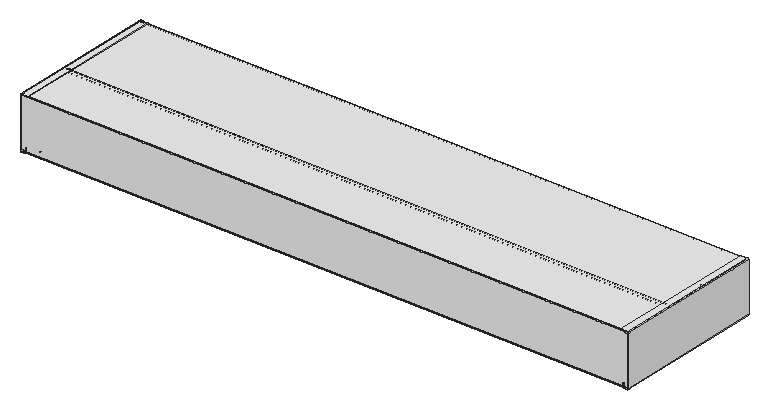
Revit family "LSTZ 1x4", category Lighting Fixtures, host Ceiling, Revit 2019
Family settings
  Host = Ceiling
  Round Connector Dimension = Use Diameter
  Part Type = Normal
  OmniClass Number = 23.80.70.11.14.17
  OmniClass Title = Direct/Indirect
  Always vertical = Yes
  Cut with Voids When Loaded = No
  Light Source = Yes
  Shared = No
  Room Calculation Point = No
Parameters (values of type "LSTZ1x4-LED840K040LUNV")
  Width = 0' - 11 3/4"
  Wattage = 29 W
  built-in parameter 1150110 = 1 (stored number, unit not read)
  Voltage = 120 V
  URL = "https://www.viscor.com/en/products/lstz"
  built-in parameter 1114217 = 0.9 (stored number, unit not read)
  Tilt Angle = 90.00°
  built-in parameter 1150109 = 1 (stored number, unit not read)
  built-in parameter 1150134 = 12
  built-in parameter 1150113 = 1 (stored number, unit not read)
  Reflector Width = Width / 2  # 0' - 5 7/8"
  Photometric Web File = "LSTZ1x4-LED840K040LUNV.IES"
  Model = "LSTZ"  # constant formula
  Manufacturer = "VISIONEERING by VISCOR"  # constant formula
  Lumens = 4002 lm
  built-in parameter 1150115 = 1 (stored number, unit not read)
  built-in parameter 1150105 = 318.47 (stored number, unit not read)
  built-in parameter 1150137 = (empty or 0)
  built-in parameter 1150139 = (empty or 0)
  Lens Finish = Acrylic - Viscor - White Translucent
  Length = 3' - 11 3/4"
  Lamp Wattage = 29 VA
  built-in parameter 1150112 = 1 (stored number, unit not read)
  built-in parameter 1150114 = 1 (stored number, unit not read)
  Lamp = "LED"  # constant formula
  built-in parameter 1150132 = (empty or 0)
  built-in parameter 1150102 = (empty or 0)
  built-in parameter 1150138 = (empty or 0)
  built-in parameter 1150107 = 4000 (stored number, unit not read)
  built-in parameter 1150106 = 3.1847 (stored number, unit not read)
  Housing Finish = Metal - Viscor - White
  Emit from Rectangle Width = Width  # 0' - 11 3/4"
  Emit from Rectangle Length = Length  # 3' - 11 3/4"
  Emit Shape Visible in Rendering = no
  built-in parameter 1150104 = 12.821 (stored number, unit not read)
  Dimming Lamp Color Temperature Shift = <None>
  Description = "LED Surface Type Z"  # constant formula
  Color Filter = 16777215
  built-in parameter 1114218 = 1 (stored number, unit not read)
  built-in parameter 1150133 = 10 (stored number, unit not read)
  Assembly Code = "D5020200"
  Apparent Load = Lamp Wattage  # 29 VA
Reference planes (in)
  plane 1 "Light Source Axis (F/B)": y = 0
  plane 2 "Ceiling": z = 96
  plane 3 "Light Source Axis (L/R)": x = 0
  plane 4 "Light Source Elevation": z = 91.71875
  plane 5: y = 5.875
  plane 6: y = -5.875
  plane 7: x = -23.875
  plane 8: x = 23.875
  plane 9: x = -23.8125
  plane 10: x = 23.8125
  plane 11 "FixtureHeight": z = 91.845
  plane 12: x = -23.625
  plane 13: x = 23.625
  plane 14: y = 5.438
  plane 15: y = -5.438
  plane 16: x = -23.438
  plane 17: x = 23.438
  plane 18: x = -22.8755
  plane 19: x = 22.8755
  plane 20: x = 21.3755
  plane 21: x = -21.3755
Forms (in)
  Extrusion 1, solid, material "Metal - Viscor - White" <- "Housing Finish"
    sketch origin (0, 0, 0) x (1, 0, 0) y (0, 0, 1)
      loop
        line (-23.806, 91.845) -> (-23.507, 91.845)
        arc (-23.507, 91.845) -> (-23.45821, 91.86521) -> (-23.438, 91.914) r 0.069
        line (-23.438, 91.914) -> (-23.438, 92.189) -> (-23.46925, 92.189) -> (-23.46925, 91.914)
        arc (-23.46925, 91.914) -> (-23.48031, 91.88731) -> (-23.507, 91.87625) r 0.03775
        line (-23.507, 91.87625) -> (-23.806, 91.87625)
        arc (-23.806, 91.87625) -> (-23.83269, 91.88731) -> (-23.84375, 91.914) r 0.03775
        line (-23.84375, 91.914) -> (-23.84375, 95.838)
        arc (-23.84375, 95.838) -> (-23.83269, 95.86469) -> (-23.806, 95.87575) r 0.03775
        line (-23.806, 95.87575) -> (-23.25, 95.87575) -> (-23.25, 95.907) -> (-23.806, 95.907)
        arc (-23.806, 95.907) -> (-23.85479, 95.88679) -> (-23.875, 95.838) r 0.069
        line (-23.875, 95.838) -> (-23.875, 91.914)
        arc (-23.875, 91.914) -> (-23.85479, 91.86521) -> (-23.806, 91.845) r 0.069
    from -5.875 to 5.875
  Extrusion 2, solid, material "Metal - Viscor - White" <- "Housing Finish"
    sketch origin (0, 0, 0) x (-1, 0, 0) y (0, 0, -1)
      loop
        arc (-23.806, -91.845) -> (-23.85479, -91.86521) -> (-23.875, -91.914) r 0.069
        line (-23.875, -91.914) -> (-23.875, -95.838)
        arc (-23.875, -95.838) -> (-23.85479, -95.88679) -> (-23.806, -95.907) r 0.069
        line (-23.806, -95.907) -> (-23.25, -95.907) -> (-23.25, -95.87575) -> (-23.806, -95.87575)
        arc (-23.806, -95.87575) -> (-23.83269, -95.86469) -> (-23.84375, -95.838) r 0.03775
        line (-23.84375, -95.838) -> (-23.84375, -91.914)
        arc (-23.84375, -91.914) -> (-23.83269, -91.88731) -> (-23.806, -91.87625) r 0.03775
        line (-23.806, -91.87625) -> (-23.507, -91.87625)
        arc (-23.507, -91.87625) -> (-23.48031, -91.88731) -> (-23.46925, -91.914) r 0.03775
        line (-23.46925, -91.914) -> (-23.46925, -92.189) -> (-23.438, -92.189) -> (-23.438, -91.914)
        arc (-23.438, -91.914) -> (-23.45821, -91.86521) -> (-23.507, -91.845) r 0.069
        line (-23.507, -91.845) -> (-23.806, -91.845)
    from -5.875 to 5.875
  Extrusion 3, solid, material "Metal - Viscor - White" <- "Housing Finish"
    sketch origin (0, 0, 0) x (0, 1, 0) y (0, 0, 1)
      loop
        line (5.50687, 91.875) -> (5.80687, 91.875)
        arc (5.80687, 91.875) -> (5.85163, 91.89149) -> (5.875, 91.93306) r 0.069
        line (5.875, 91.93306) -> (5.875, 95.81694)
        arc (5.875, 95.81694) -> (5.85163, 95.85851) -> (5.80687, 95.875) r 0.069
        line (5.80687, 95.875) -> (-5.80513, 95.875)
        arc (-5.80513, 95.875) -> (-5.85392, 95.85479) -> (-5.87413, 95.806) r 0.069
        line (-5.87413, 95.806) -> (-5.875, 91.944)
        arc (-5.875, 91.944) -> (-5.85392, 91.89521) -> (-5.80513, 91.875) r 0.069
        line (-5.80513, 91.875) -> (-5.50513, 91.875)
        arc (-5.50513, 91.875) -> (-5.45634, 91.89521) -> (-5.43613, 91.944) r 0.069
        line (-5.43613, 91.944) -> (-5.43613, 92.616)
        arc (-5.43613, 92.616) -> (-5.4247, 92.64358) -> (-5.39713, 92.655) r 0.039
        line (-5.39713, 92.655) -> (-4.85013, 92.655) -> (-4.85013, 92.68625) -> (-5.39713, 92.68625)
        arc (-5.39713, 92.68625) -> (-5.4468, 92.66567) -> (-5.46738, 92.616) r 0.07025
        line (-5.46738, 92.616) -> (-5.46738, 91.944)
        arc (-5.46738, 91.944) -> (-5.47843, 91.91731) -> (-5.50513, 91.90625) r 0.03775
        line (-5.50513, 91.90625) -> (-5.80513, 91.90625)
        arc (-5.80513, 91.90625) -> (-5.83182, 91.91731) -> (-5.84288, 91.944) r 0.03775
        line (-5.84288, 91.944) -> (-5.84375, 95.80595)
        arc (-5.84375, 95.80595) -> (-5.83179, 95.83261) -> (-5.80513, 95.84365) r 0.0377
        line (-5.80513, 95.84365) -> (5.80666, 95.84365)
        arc (5.80666, 95.84365) -> (5.83318, 95.83267) -> (5.84417, 95.80615) r 0.0375
        line (5.84417, 95.80615) -> (5.84417, 91.94985)
        arc (5.84417, 91.94985) -> (5.83556, 91.91946) -> (5.80687, 91.90625) r 0.03775
        line (5.80687, 91.90625) -> (5.50687, 91.90625)
        arc (5.50687, 91.90625) -> (5.48018, 91.91731) -> (5.46912, 91.944) r 0.03775
        line (5.46912, 91.944) -> (5.46912, 92.616)
        arc (5.46912, 92.616) -> (5.44855, 92.66567) -> (5.39887, 92.68625) r 0.07025
        line (5.39887, 92.68625) -> (4.85188, 92.68625) -> (4.85188, 92.655) -> (5.39887, 92.655)
        arc (5.39887, 92.655) -> (5.42645, 92.64358) -> (5.43787, 92.616) r 0.039
        line (5.43787, 92.616) -> (5.43787, 91.944)
        arc (5.43787, 91.944) -> (5.45808, 91.89521) -> (5.50687, 91.875) r 0.069
    from -23.8125 to 23.8125
  Extrusion 4, solid, material "Metal - Viscor - White" <- "Housing Finish"
    sketch origin (0, 0, 0) x (0, 1, 0) y (0, 0, 1)
      loop
        line (1.93837, 95.845) -> (1.60237, 95.845)
        arc (1.60237, 95.845) -> (1.55358, 95.82479) -> (1.53337, 95.776) r 0.069
        line (1.53337, 95.776) -> (1.53337, 94.509)
        arc (1.53337, 94.509) -> (1.52195, 94.48142) -> (1.49437, 94.47) r 0.039
        line (1.49437, 94.47) -> (-1.49263, 94.47)
        arc (-1.49263, 94.47) -> (-1.5202, 94.48142) -> (-1.53163, 94.509) r 0.039
        line (-1.53163, 94.509) -> (-1.53163, 95.776)
        arc (-1.53163, 95.776) -> (-1.55184, 95.82479) -> (-1.60063, 95.845) r 0.069
        line (-1.60063, 95.845) -> (-1.93663, 95.845) -> (-1.93663, 95.81375) -> (-1.60063, 95.81375)
        arc (-1.60063, 95.81375) -> (-1.57393, 95.80269) -> (-1.56288, 95.776) r 0.03775
        line (-1.56288, 95.776) -> (-1.56288, 94.509)
        arc (-1.56288, 94.509) -> (-1.5423, 94.45933) -> (-1.49263, 94.43875) r 0.07025
        line (-1.49263, 94.43875) -> (1.49437, 94.43875)
        arc (1.49437, 94.43875) -> (1.54405, 94.45933) -> (1.56462, 94.509) r 0.07025
        line (1.56462, 94.509) -> (1.56462, 95.776)
        arc (1.56462, 95.776) -> (1.57568, 95.80269) -> (1.60237, 95.81375) r 0.03775
        line (1.60237, 95.81375) -> (1.93837, 95.81375) -> (1.93837, 95.845)
    from -23.625 to 23.625
  Extrusion 5, solid, material "Metal - Viscor - White" <- "Housing Finish"
    sketch origin (0, 0, 91.845) x (0, 1, 0) y (-1, 0, 0)
      loop
        line (-5.3755, 23.3755) -> (-5.3755, -23.3755) -> (5.3755, -23.3755) -> (5.3755, 23.3755) -> (-5.3755, 23.3755)
      loop
        line (-4.8755, 22.8755) -> (-4.8755, -22.8755) -> (4.8755, -22.8755) -> (4.8755, 22.8755) -> (-4.8755, 22.8755)
    from 0 to 0.4375
  Extrusion 6, solid, material "Metal - Viscor - White" <- "Housing Finish"
    sketch origin (0, 0, 0) x (0, 1, 0) y (0, 0, 1)
      loop
        line (3.25044, 94.399) -> (1.50044, 94.399) -> (1.50044, 93.899) -> (-1.49956, 93.899) -> (-1.49956, 94.399) -> (-3.24956, 94.399) -> (-4.54606, 92.524) -> (-5.31906, 92.524) -> (-5.31906, 92.2825) -> (5.28987, 92.2825) -> (5.28987, 92.524) -> (4.54694, 92.524) -> (3.25044, 94.399)
    from -23.438 to -22.8755
  Extrusion 7, solid, material "Metal - Viscor - White" <- "Housing Finish"
    sketch origin (0, 0, 0) x (0, 1, 0) y (0, 0, -1)
      loop
        line (3.25044, -94.399) -> (4.54694, -92.524) -> (5.28987, -92.524) -> (5.28987, -92.2825) -> (-5.31906, -92.2825) -> (-5.31906, -92.524) -> (-4.54606, -92.524) -> (-3.24956, -94.399) -> (-1.49956, -94.399) -> (-1.49956, -93.899) -> (1.50044, -93.899) -> (1.50044, -94.399) -> (3.25044, -94.399)
    from -23.438 to -22.8755
  Extrusion 8, solid, material "Metal - Viscor - White" <- "Housing Finish"
    sketch origin (0, 0, 0) x (0, 1, 0) y (0, 0, 1)
      loop
        arc (5.28094, 91.875) -> (5.32548, 91.89345) -> (5.34394, 91.938) r 0.063
        line (5.34394, 91.938) -> (5.34394, 92.499)
        arc (5.34394, 92.499) -> (5.32548, 92.54355) -> (5.28094, 92.562) r 0.063
        line (5.28094, 92.562) -> (4.96894, 92.562) -> (4.96894, 92.53075) -> (5.28094, 92.53075)
        arc (5.28094, 92.53075) -> (5.30339, 92.52145) -> (5.31269, 92.499) r 0.03175
        line (5.31269, 92.499) -> (5.31269, 91.938)
        arc (5.31269, 91.938) -> (5.30339, 91.91555) -> (5.28094, 91.90625) r 0.03175
        line (5.28094, 91.90625) -> (4.85672, 91.90625) -> (2.84019, 93.8881) -> (2.84021, 94.336)
        arc (2.84021, 94.336) -> (2.81964, 94.38567) -> (2.76996, 94.40625) r 0.07025
        line (2.76996, 94.40625) -> (2.62196, 94.40626) -> (2.62196, 94.37501) -> (2.76996, 94.375)
        arc (2.76996, 94.375) -> (2.79754, 94.36358) -> (2.80896, 94.336) r 0.039
        line (2.80896, 94.336) -> (2.80894, 93.90142)
        arc (2.80894, 93.90142) -> (2.81384, 93.87706) -> (2.82778, 93.85648) r 0.063
        line (2.82778, 93.85648) -> (4.82555, 91.89307)
        arc (4.82555, 91.89307) -> (4.84586, 91.87969) -> (4.86971, 91.875) r 0.063
        line (4.86971, 91.875) -> (5.28094, 91.875)
    from -22.8755 to 22.8755
  Extrusion 9, solid, material "Metal - Viscor - White" <- "Housing Finish"
    sketch origin (0, 0, 0) x (0, -1, 0) y (0, 0, -1)
      loop
        line (5.28094, -91.875) -> (4.86971, -91.875)
        arc (4.86971, -91.875) -> (4.84586, -91.87969) -> (4.82555, -91.89307) r 0.063
        line (4.82555, -91.89307) -> (2.82778, -93.85648)
        arc (2.82778, -93.85648) -> (2.81384, -93.87706) -> (2.80894, -93.90142) r 0.063
        line (2.80894, -93.90142) -> (2.80896, -94.336)
        arc (2.80896, -94.336) -> (2.79754, -94.36358) -> (2.76996, -94.375) r 0.039
        line (2.76996, -94.375) -> (2.62196, -94.37501) -> (2.62196, -94.40626) -> (2.76996, -94.40625)
        arc (2.76996, -94.40625) -> (2.81964, -94.38567) -> (2.84021, -94.336) r 0.07025
        line (2.84021, -94.336) -> (2.84019, -93.8881) -> (4.85672, -91.90625) -> (5.28094, -91.90625)
        arc (5.28094, -91.90625) -> (5.30339, -91.91555) -> (5.31269, -91.938) r 0.03175
        line (5.31269, -91.938) -> (5.31269, -92.499)
        arc (5.31269, -92.499) -> (5.30339, -92.52145) -> (5.28094, -92.53075) r 0.03175
        line (5.28094, -92.53075) -> (4.96894, -92.53075) -> (4.96894, -92.562) -> (5.28094, -92.562)
        arc (5.28094, -92.562) -> (5.32548, -92.54355) -> (5.34394, -92.499) r 0.063
        line (5.34394, -92.499) -> (5.34394, -91.938)
        arc (5.34394, -91.938) -> (5.32548, -91.89345) -> (5.28094, -91.875) r 0.063
    from -22.8755 to 22.8755
  Extrusion 10, solid, material "Acrylic - Viscor - White Translucent" <- "Lens Finish"
    sketch origin (0, 0, 0) x (0, 1, 0) y (0, 0, 1)
      loop
        line (2.79199, 93.93032) -> (2.79199, 94.35504) -> (2.74902, 94.35504) -> (2.74902, 93.91829) -> (1.50513, 92.20623)
        arc (1.50513, 92.20623) -> (1.49199, 92.195) -> (1.47517, 92.19097) r 0.03703
        line (1.47517, 92.19097) -> (-1.4743, 92.19097)
        arc (-1.4743, 92.19097) -> (-1.49111, 92.195) -> (-1.50426, 92.20623) r 0.03703
        line (-1.50426, 92.20623) -> (-2.74814, 93.91829) -> (-2.74814, 94.35504) -> (-2.79111, 94.35504) -> (-2.79111, 93.93032)
        arc (-2.79111, 93.93032) -> (-2.7872, 93.9056) -> (-2.77583, 93.8833) r 0.08
        line (-2.77583, 93.8833) -> (-1.53902, 92.18098)
        arc (-1.53902, 92.18098) -> (-1.51062, 92.15672) -> (-1.4743, 92.148) r 0.08
        line (-1.4743, 92.148) -> (1.47517, 92.148)
        arc (1.47517, 92.148) -> (1.51149, 92.15672) -> (1.5399, 92.18098) r 0.08
        line (1.5399, 92.18098) -> (2.77671, 93.8833)
        arc (2.77671, 93.8833) -> (2.78807, 93.9056) -> (2.79199, 93.93032) r 0.08
    from -22.8755 to 22.8755
Dimensions and locks (in)
  equal spacing: host sketch curve, plane 3 "Light Source Axis (L/R)", host sketch curve
  equal spacing: host sketch curve, plane 1 "Light Source Axis (F/B)", host sketch curve
  host sketch curve to host sketch curve = 10' - 0"  (x2)
  equal spacing: plane 7, plane 3 "Light Source Axis (L/R)", plane 8
  "Length": plane 7 to plane 8
  equal spacing: plane 5, plane 1 "Light Source Axis (F/B)", plane 6
  "Width": plane 5 to plane 6
  plane 4 "Light Source Elevation" to plane 2 "Ceiling" = 0' - 4 9/32"
  locked: plane 7 to plane 9 at 0.0625
  locked: plane 10 to plane 8 at 0.0625
  locked: plane 2 "Ceiling" to plane 11 "FixtureHeight" at 4.155
  locked: plane 7 to plane 12 at 0.25
  locked: plane 13 to plane 8 at 0.25
  locked: plane 5 to plane 14 at 0.437
  plane 6 to plane 15 to Extrusion 4 = 0' - 0.437", 0' - 3.50137"
  locked: plane 15 to plane 6 at 0.437
  plane 7 to plane 16 to plane 3 "Light Source Axis (L/R)" = 0' - 0.437", 1' - 11.438"
  locked: plane 7 to plane 16 at 0.437
  locked: plane 17 to plane 8 at 0.437
  locked: plane 16 to plane 18 at 0.5625
  plane 18 to plane 21 to Extrusion 5 = 0' - 1 1/2" locked, 3' - 8.251"
  locked: plane 19 to plane 17 at 0.5625
  locked: plane 20 to plane 19 at 1.5
  aligned and locked: plane 3 "Light Source Axis (L/R)" to imposter light
  aligned and locked: plane 1 "Light Source Axis (F/B)" to imposter light
  aligned and locked: plane 4 "Light Source Elevation" to imposter light
  aligned and locked: plane 5 to Extrusion 1
  aligned and locked: Extrusion 1 to plane 6
  aligned and locked: plane 5 to Extrusion 2
  aligned and locked: Extrusion 2 to plane 6
  aligned and locked: Extrusion 3 to plane 9
  aligned and locked: plane 10 to Extrusion 3
  aligned and locked: Extrusion 4 to plane 12
  aligned and locked: plane 13 to Extrusion 4
  aligned and locked: Extrusion 6 to plane 16
  aligned and locked: plane 18 to Extrusion 6
  aligned and locked: plane 17 to Extrusion 7
  aligned and locked: Extrusion 7 to plane 19
  aligned and locked: Extrusion 8 to plane 18
  aligned and locked: plane 19 to Extrusion 8
  aligned and locked: Extrusion 9 to plane 18
  aligned and locked: plane 19 to Extrusion 9
  aligned and locked: Extrusion 10 to plane 18
  aligned and locked: plane 19 to Extrusion 10
Automatic sketch dimensions
  Extrusion 1 sketch curve to Extrusion 1 sketch curve = 0' - 0"  (x6)
  Extrusion 1 sketch curve to plane 7 = 0' - 0"
  Extrusion 1 sketch curve to plane 11 "FixtureHeight" = 0' - 0"
  Extrusion 1 sketch curve to plane 16 = 0' - 0"
  plane 7 to Extrusion 1 sketch curve = 0' - 0 1/32"
  plane 9 to Extrusion 1 sketch curve = 0' - 0.0065"  (x2)
  Extrusion 1 sketch curve to Extrusion 1 sketch curve = 0' - 0.03775"
  plane 16 to Extrusion 1 sketch curve = 0' - 0.188"
  Extrusion 1 sketch curve to Extrusion 1 sketch curve = 0' - 0.275"
  Extrusion 1 sketch curve to plane 2 "Ceiling" = 0' - 0.162"
  Extrusion 2 sketch curve to Extrusion 2 sketch curve = 0' - 0"  (x6)
  Extrusion 2 sketch curve to plane 8 = 0' - 0"
  Extrusion 2 sketch curve to plane 11 "FixtureHeight" = 0' - 0"
  Extrusion 2 sketch curve to plane 17 = 0' - 0"
  plane 8 to Extrusion 2 sketch curve = 0' - 0 1/32"
  plane 10 to Extrusion 2 sketch curve = 0' - 0.0065"  (x2)
  Extrusion 2 sketch curve to Extrusion 2 sketch curve = 0' - 0.03775"
  plane 17 to Extrusion 2 sketch curve = 0' - 0.188"
  Extrusion 2 sketch curve to Extrusion 2 sketch curve = 0' - 0.275"
  plane 2 "Ceiling" to Extrusion 2 sketch curve = 0' - 0.162"
  Extrusion 3 sketch curve to Extrusion 3 sketch curve = 0' - 0"  (x17)
  Extrusion 3 sketch curve to plane 6 = 0' - 0"
  Extrusion 3 sketch curve to plane 5 = 0' - 0"
  plane 6 to Extrusion 3 sketch curve = 0' - 0.06987"
  Extrusion 3 sketch curve to Extrusion 3 sketch curve = 0' - 0.06987"
  plane 11 "FixtureHeight" to Extrusion 3 sketch curve = 0' - 0.03"  (x2)
  Extrusion 3 sketch curve to plane 15 = 0' - 0.06713"
  Extrusion 3 sketch curve to plane 15 = 0' - 0.02938"
  plane 15 to Extrusion 3 sketch curve = 0' - 0.00187"
  Extrusion 3 sketch curve to Extrusion 3 sketch curve = 0' - 0.039"
  Extrusion 3 sketch curve to Extrusion 3 sketch curve = 0' - 0.54699"
  Extrusion 3 sketch curve to plane 14 = 0' - 0.58612"
  Extrusion 3 sketch curve to plane 14 = 0' - 0.03913"
  Extrusion 3 sketch curve to plane 14 = 0' - 0.00013"
  plane 14 to Extrusion 3 sketch curve = 0' - 0.03112"
  Extrusion 3 sketch curve to Extrusion 3 sketch curve = 0' - 0.03775"  (x2)
  Extrusion 3 sketch curve to plane 5 = 0' - 0.06834"
  Extrusion 3 sketch curve to plane 5 = 0' - 0.06813"
  Extrusion 3 sketch curve to Extrusion 3 sketch curve = 0' - 0.00021"
  Extrusion 3 sketch curve to plane 5 = 0' - 0.03083"
  Extrusion 3 sketch curve to Extrusion 3 sketch curve = 0' - 0.02681"
  Extrusion 3 sketch curve to Extrusion 3 sketch curve = 0' - 0.672"  (x2)
  Extrusion 3 sketch curve to plane 2 "Ceiling" = 0' - 0.19405"
  Extrusion 3 sketch curve to plane 2 "Ceiling" = 0' - 0.194"
  Extrusion 3 sketch curve to Extrusion 3 sketch curve = 0' - 0.00005"
  Extrusion 3 sketch curve to Extrusion 3 sketch curve = 0' - 0.00015"
  Extrusion 3 sketch curve to Extrusion 3 sketch curve = 0' - 0.01079"
  Extrusion 3 sketch curve to Extrusion 3 sketch curve = 0' - 0.00092"
  Extrusion 4 sketch curve to Extrusion 4 sketch curve = 0' - 0"  (x8)
  Extrusion 4 sketch curve to plane 2 "Ceiling" = 0' - 0.155"
  plane 1 "Light Source Axis (F/B)" to Extrusion 4 sketch curve = 0' - 1.93663"
  Extrusion 4 sketch curve to Extrusion 4 sketch curve = 0' - 0.336"  (x2)
  Extrusion 4 sketch curve to Extrusion 4 sketch curve = 0' - 0.03775"  (x2)
  Extrusion 4 sketch curve to Extrusion 4 sketch curve = 0' - 0 1/32"
  Extrusion 4 sketch curve to Extrusion 4 sketch curve = 0' - 0.039"  (x2)
  Extrusion 4 sketch curve to plane 1 "Light Source Axis (F/B)" = 0' - 1.49437"
  Extrusion 4 sketch curve to plane 2 "Ceiling" = 0' - 0.224"
  Extrusion 4 sketch curve to Extrusion 4 sketch curve = 0' - 1.267"
  Extrusion 5 sketch curve to plane 19 = 0' - 0"
  Extrusion 5 sketch curve to plane 18 = 0' - 0"
  plane 15 to Extrusion 5 sketch curve = 0' - 0 1/16"
  plane 15 to Extrusion 5 sketch curve = 0' - 0 9/16"
  Extrusion 5 sketch curve to plane 14 = 0' - 0 9/16"
  Extrusion 5 sketch curve to plane 14 = 0' - 0 1/16"
  Extrusion 5 sketch curve to plane 17 = 0' - 0 1/16"
  plane 16 to Extrusion 5 sketch curve = 0' - 0 1/16"
  plane 15 to Extrusion 6 sketch curve = 0' - 0.11894"
  Extrusion 6 sketch curve to Extrusion 6 sketch curve = 0' - 0.773"
  plane 15 to Extrusion 6 sketch curve = 0' - 2.18844"
  plane 1 "Light Source Axis (F/B)" to Extrusion 6 sketch curve = 0' - 1.49956"
  Extrusion 6 sketch curve to plane 1 "Light Source Axis (F/B)" = 0' - 1.50044"
  Extrusion 6 sketch curve to Extrusion 6 sketch curve = 0' - 1 3/4"
  Extrusion 6 sketch curve to plane 14 = 0' - 0.89106"
  Extrusion 6 sketch curve to plane 14 = 0' - 0.14813"
  plane 11 "FixtureHeight" to Extrusion 6 sketch curve = 0' - 0 7/16"
  Extrusion 6 sketch curve to Extrusion 6 sketch curve = 0' - 0.2415"  (x2)
  plane 11 "FixtureHeight" to Extrusion 6 sketch curve = 0' - 2.054"
  Extrusion 6 sketch curve to plane 2 "Ceiling" = 0' - 1.601"
  Extrusion 6 sketch curve to Extrusion 6 sketch curve = 0' - 0 1/2"
  plane 15 to Extrusion 7 sketch curve = 0' - 0.11894"
  Extrusion 7 sketch curve to Extrusion 7 sketch curve = 0' - 0.773"
  plane 15 to Extrusion 7 sketch curve = 0' - 2.18844"
  plane 1 "Light Source Axis (F/B)" to Extrusion 7 sketch curve = 0' - 1.49956"
  Extrusion 7 sketch curve to plane 1 "Light Source Axis (F/B)" = 0' - 1.50044"
  Extrusion 7 sketch curve to Extrusion 7 sketch curve = 0' - 1 3/4"
  Extrusion 7 sketch curve to plane 14 = 0' - 0.89106"
  Extrusion 7 sketch curve to plane 14 = 0' - 0.14813"
  Extrusion 7 sketch curve to plane 2 "Ceiling" = 0' - 1.601"  (x2)
  Extrusion 7 sketch curve to Extrusion 7 sketch curve = 0' - 0 1/2"
  plane 11 "FixtureHeight" to Extrusion 7 sketch curve = 0' - 0.679"  (x2)
  Extrusion 7 sketch curve to Extrusion 7 sketch curve = 0' - 0.2415"
  Extrusion 8 sketch curve to Extrusion 8 sketch curve = 0' - 0"  (x9)
  Extrusion 8 sketch curve to plane 1 "Light Source Axis (F/B)" = 0' - 2.62196"
  Extrusion 8 sketch curve to Extrusion 8 sketch curve = 0' - 0.148"
  Extrusion 8 sketch curve to plane 2 "Ceiling" = 0' - 1 5/8"
  Extrusion 8 sketch curve to plane 2 "Ceiling" = 0' - 1 19/32"
  Extrusion 8 sketch curve to Extrusion 8 sketch curve = 0' - 0.03898"
  Extrusion 8 sketch curve to plane 2 "Ceiling" = 0' - 1.664"  (x2)
  Extrusion 8 sketch curve to Extrusion 8 sketch curve = 0' - 0.039"
  plane 11 "FixtureHeight" to Extrusion 8 sketch curve = 0' - 2.01148"
  Extrusion 8 sketch curve to Extrusion 8 sketch curve = 0' - 0.01884"
  Extrusion 8 sketch curve to Extrusion 8 sketch curve = 0' - 0 1/32"  (x2)
  Extrusion 8 sketch curve to Extrusion 8 sketch curve = 0' - 0.03175"
  plane 11 "FixtureHeight" to Extrusion 8 sketch curve = 0' - 0.04807"
  Extrusion 8 sketch curve to plane 14 = 0' - 0.61245"
  plane 11 "FixtureHeight" to Extrusion 8 sketch curve = 0' - 0.06125"
  Extrusion 8 sketch curve to Extrusion 8 sketch curve = 0' - 0.03117"
  plane 11 "FixtureHeight" to Extrusion 8 sketch curve = 0' - 0.03"
  Extrusion 8 sketch curve to Extrusion 8 sketch curve = 0' - 0.01299"
  Extrusion 8 sketch curve to plane 14 = 0' - 0.46906"
  Extrusion 8 sketch curve to plane 14 = 0' - 0.15706"  (x2)
  plane 11 "FixtureHeight" to Extrusion 8 sketch curve = 0' - 0.093"
  Extrusion 8 sketch curve to Extrusion 8 sketch curve = 0' - 0.561"
  Extrusion 8 sketch curve to Extrusion 8 sketch curve = 0' - 0.03162"
  Extrusion 8 sketch curve to Extrusion 8 sketch curve = 0' - 0.01331"
  Extrusion 9 sketch curve to Extrusion 9 sketch curve = 0' - 0"  (x9)
  Extrusion 9 sketch curve to plane 1 "Light Source Axis (F/B)" = 0' - 2.62196"
  Extrusion 9 sketch curve to Extrusion 9 sketch curve = 0' - 0.148"
  plane 2 "Ceiling" to Extrusion 9 sketch curve = 0' - 1 5/8"
  plane 2 "Ceiling" to Extrusion 9 sketch curve = 0' - 1 19/32"
  Extrusion 9 sketch curve to Extrusion 9 sketch curve = 0' - 0.03898"
  plane 2 "Ceiling" to Extrusion 9 sketch curve = 0' - 1.664"  (x2)
  Extrusion 9 sketch curve to Extrusion 9 sketch curve = 0' - 0.039"
  Extrusion 9 sketch curve to plane 11 "FixtureHeight" = 0' - 2.01148"
  Extrusion 9 sketch curve to Extrusion 9 sketch curve = 0' - 0.01884"
  Extrusion 9 sketch curve to Extrusion 9 sketch curve = 0' - 0 1/32"  (x2)
  Extrusion 9 sketch curve to Extrusion 9 sketch curve = 0' - 0.03175"
  Extrusion 9 sketch curve to plane 11 "FixtureHeight" = 0' - 0.04807"
  Extrusion 9 sketch curve to plane 15 = 0' - 0.61245"
  Extrusion 9 sketch curve to plane 11 "FixtureHeight" = 0' - 0.06125"
  Extrusion 9 sketch curve to Extrusion 9 sketch curve = 0' - 0.03117"
  Extrusion 9 sketch curve to plane 11 "FixtureHeight" = 0' - 0.03"
  Extrusion 9 sketch curve to Extrusion 9 sketch curve = 0' - 0.01299"
  Extrusion 9 sketch curve to plane 15 = 0' - 0.46906"
  Extrusion 9 sketch curve to plane 15 = 0' - 0.15706"  (x2)
  Extrusion 9 sketch curve to plane 11 "FixtureHeight" = 0' - 0.093"
  Extrusion 9 sketch curve to Extrusion 9 sketch curve = 0' - 0.561"
  Extrusion 9 sketch curve to Extrusion 9 sketch curve = 0' - 0.03162"
  Extrusion 9 sketch curve to Extrusion 9 sketch curve = 0' - 0.01331"
  Extrusion 10 sketch curve to Extrusion 10 sketch curve = 0' - 0"  (x4)
  plane 15 to Extrusion 10 sketch curve = 0' - 2.64689"
  plane 11 "FixtureHeight" to Extrusion 10 sketch curve = 0' - 2.0383"  (x2)
  Extrusion 10 sketch curve to Extrusion 10 sketch curve = 0' - 0.01528"
  Extrusion 10 sketch curve to Extrusion 10 sketch curve = 0' - 0 11/256"  (x2)
  Extrusion 10 sketch curve to Extrusion 10 sketch curve = 0' - 0.03703"  (x2)
  plane 11 "FixtureHeight" to Extrusion 10 sketch curve = 0' - 0.33598"  (x2)
  plane 1 "Light Source Axis (F/B)" to Extrusion 10 sketch curve = 0' - 1.53902"
  plane 11 "FixtureHeight" to Extrusion 10 sketch curve = 0' - 0.36123"  (x2)
  Extrusion 10 sketch curve to Extrusion 10 sketch curve = 0' - 0.03476"
  Extrusion 10 sketch curve to Extrusion 10 sketch curve = 0' - 0.02996"  (x2)
  Extrusion 10 sketch curve to plane 1 "Light Source Axis (F/B)" = 0' - 1.47517"
  Extrusion 10 sketch curve to Extrusion 10 sketch curve = 0' - 1.23681"
  Extrusion 10 sketch curve to Extrusion 10 sketch curve = 0' - 0.02769"
  Extrusion 10 sketch curve to Extrusion 10 sketch curve = 0' - 0.05823"
  Extrusion 10 sketch curve to Extrusion 10 sketch curve = 0' - 0.01203"  (x2)
  Extrusion 10 sketch curve to Extrusion 10 sketch curve = 0' - 0.42472"  (x2)
Connectors (in)
  electrical at (0, 0, 91.71875), driven by "Voltage", driven by "Apparent Load"
    settings: index 1, voltage 120 V, apparent load 0 VA, apparent load phase1 29 VA, apparent load phase2 0 VA, apparent load phase3 0 VA, power factor 1, load classification "Other", number of poles 1, system type 31, power factor state 1, is connector primary yes, connector utility no, sub classification motor no, connector description ""
